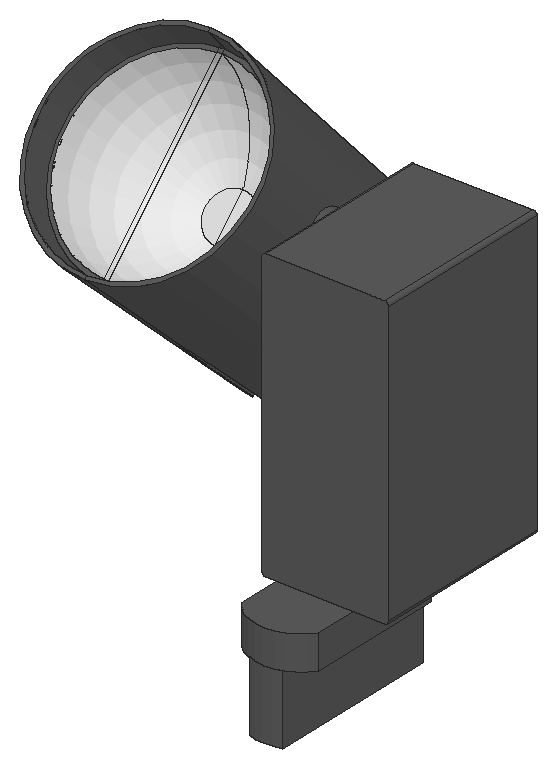
Revit family "0004851 Feilo Sylvania Lighting Fixture START TRACK SPOT S 24W 4K RA80 MB BLACK", category Lighting Fixtures, host Face, Revit 2017 (continued)
Definition of nested family "Start Track Spot Head"
  Types (96, lengths in mm): name | Wattage | built-in parameter 1150134 | Photometric Web File | Model | built-in parameter 1150105 | Lumens | built-in parameter 1150107 | built-in parameter 1150106 | HeadThickness_FEILO | HeadRibOffset_FEILO | HeadRibDepth_FEILO | HeadRibCutWidth_FEILO | HeadRibCutOffset_FEILO | HeadReflectorRadius_FEILO | HeadReflectorOffset_FEILO | HeadLEDRadius_FEILO | HeadHeight_FEILO | HeadDiffusorOffset_FEILO | HeadDiaOut_FEILO | HeadDiaIn_FEILO | HeadAxisFromTop_FEILO | Emit from Circle Diameter | built-in parameter 1150104 | Description | Apparent Load
    0004864 START TRACK SPOT S 24W 3K RA90 WB WHITE | 24 W | (empty or 0) | "0004864.ies" | "START TRACK SPOT S 24W 3K RA90 WB WHITE" | 152.79 (stored number, unit not read) | 1920 lm | 3000 (stored number, unit not read) | 1.5279 (stored number, unit not read) | 1.5 | 4.179 | 55.714 | 7.167 | 50.87 | 50.588 | 55.714 | 9.556 | 117 | 9.435 | 86 | 77.477 | 69.354 | 77.477 | 7.4322 (stored number, unit not read) | "Integrated LED spotlight, Textured White - RAL9016, compact and minimalist design, ideal for retail applications, die-cast aluminium body, passive cooling heatsink. Beam angle: 64°, color temperature: 3000K , total system power: 24W, total fixture output: 1928 lm, LOR: 100%, colour rendering: Ra: 90 typical, LED Chromaticity: 3 step MacAdam ellipse, lifetime: >50000 hours at L70B50, energy class: A++, A+, A, IR/UV free light source without heat radiation, operating voltage: 220-240V / 50-60Hz, drive current: 600mA, electronic driver, non-dimmable, power factor: 0.95, electrical protection: Class II, Global Track 3 Phase adapter suitable for Global trac 3-circuit tracks, ingress protection rating: IP20, suitable for internal environment only, horizontal rotation: 355°, vertical tilt: 90°, dimensions: Ø86x140x200, weight: 0.966kg." | 24 VA
    0004863 START TRACK SPOT S 24W 3K RA90 MB WHITE | 24 W | (empty or 0) | "0004863.ies" | "START TRACK SPOT S 24W 3K RA90 MB WHITE" | 154.7 (stored number, unit not read) | 1944 lm | 3000 (stored number, unit not read) | 1.547 (stored number, unit not read) | 1.5 | 4.179 | 55.714 | 7.167 | 50.87 | 50.588 | 55.714 | 9.556 | 117 | 9.435 | 86 | 77.477 | 69.354 | 77.477 | 7.5251 (stored number, unit not read) | "Integrated LED spotlight, Textured White - RAL9016, compact and minimalist design, ideal for retail applications, die-cast aluminium body, passive cooling heatsink. Beam angle: 36°, color temperature: 3000K , total system power: 24W, total fixture output: 1944 lm, LOR: 100%, colour rendering: Ra: 90 typical, LED Chromaticity: 3 step MacAdam ellipse, lifetime: >50000 hours at L70B50, energy class: A++, A+, A, IR/UV free light source without heat radiation, operating voltage: 220-240V / 50-60Hz, drive current: 600mA, electronic driver, non-dimmable, power factor: 0.95, electrical protection: Class II, Global Track 3 Phase adapter suitable for Global trac 3-circuit tracks, ingress protection rating: IP20, suitable for internal environment only, horizontal rotation: 355°, vertical tilt: 90°, dimensions: Ø86x140x200, weight: 0.966kg." | 24 VA
    0004862 START TRACK SPOT S 24W 3K RA90 NB WHITE | 24 W | (empty or 0) | "0004862.ies" | "START TRACK SPOT S 24W 3K RA90 NB WHITE" | 158.52 (stored number, unit not read) | 1992 lm | 3000 (stored number, unit not read) | 1.5852 (stored number, unit not read) | 1.5 | 4.179 | 55.714 | 7.167 | 50.87 | 50.588 | 55.714 | 9.556 | 117 | 9.435 | 86 | 77.477 | 69.354 | 77.477 | 7.711 (stored number, unit not read) | "Integrated LED spotlight, Textured White - RAL9016, compact and minimalist design, ideal for retail applications, die-cast aluminium body, passive cooling heatsink. Beam angle: 12°, color temperature: 3000K , total system power: 24W, total fixture output: 1987 lm, LOR: 100%, colour rendering: Ra: 90 typical, LED Chromaticity: 3 step MacAdam ellipse, lifetime: >50000 hours at L70B50, energy class: A++, A+, A, IR/UV free light source without heat radiation, operating voltage: 220-240V / 50-60Hz, drive current: 600mA, electronic driver, non-dimmable, power factor: 0.95, electrical protection: Class II, Global Track 3 Phase adapter suitable for Global trac 3-circuit tracks, ingress protection rating: IP20, suitable for internal environment only, horizontal rotation: 355°, vertical tilt: 90°, dimensions: Ø86x140x200, weight: 0.966kg." | 24 VA
    0004861 START TRACK SPOT S 14W 3K RA90 WB WHITE | 14 W | (empty or 0) | "0004861.ies" | "START TRACK SPOT S 14W 3K RA90 WB WHITE" | 100.27 (stored number, unit not read) | 1260 lm | 3000 (stored number, unit not read) | 1.0027 (stored number, unit not read) | 1.5 | 4.179 | 55.714 | 7.167 | 50.87 | 50.588 | 55.714 | 9.556 | 117 | 9.435 | 86 | 77.477 | 69.354 | 77.477 | 8.3613 (stored number, unit not read) | "Integrated LED spotlight, Textured White - RAL9016, compact and minimalist design, ideal for retail applications, die-cast aluminium body, passive cooling heatsink. Beam angle: 64°, color temperature: 3000K , total system power: 14W, total fixture output: 1262 lm, LOR: 100%, colour rendering: Ra: 90 typical, LED Chromaticity: 3 step MacAdam ellipse, lifetime: >50000 hours at L70B50, energy class: A++, A+, A, IR/UV free light source without heat radiation, operating voltage: 220-240V / 50-60Hz, drive current: 350mA, electronic driver, non-dimmable, power factor: 0.92, electrical protection: Class II, Global Track 3 Phase adapter suitable for Global trac 3-circuit tracks, ingress protection rating: IP20, suitable for internal environment only, horizontal rotation: 355°, vertical tilt: 90°, dimensions: Ø86x140x200, weight: 0.940kg." | 14 VA
    0004860 START TRACK SPOT S 14W 3K RA90 MB WHITE | 14 W | (empty or 0) | "0004860.ies" | "START TRACK SPOT S 14W 3K RA90 MB WHITE" | 100.27 (stored number, unit not read) | 1260 lm | 3000 (stored number, unit not read) | 1.0027 (stored number, unit not read) | 1.5 | 4.179 | 55.714 | 7.167 | 50.87 | 50.588 | 55.714 | 9.556 | 117 | 9.435 | 86 | 77.477 | 69.354 | 77.477 | 8.3613 (stored number, unit not read) | "Integrated LED spotlight, Textured White - RAL9016, compact and minimalist design, ideal for retail applications, die-cast aluminium body, passive cooling heatsink. Beam angle: 36°, color temperature: 3000K , total system power: 14W, total fixture output: 1262 lm, LOR: 100%, colour rendering: Ra: 90 typical, LED Chromaticity: 3 step MacAdam ellipse, lifetime: >50000 hours at L70B50, energy class: A++, A+, A, IR/UV free light source without heat radiation, operating voltage: 220-240V / 50-60Hz, drive current: 350mA, electronic driver, non-dimmable, power factor: 0.92, electrical protection: Class II, Global Track 3 Phase adapter suitable for Global trac 3-circuit tracks, ingress protection rating: IP20, suitable for internal environment only, horizontal rotation: 355°, vertical tilt: 90°, dimensions: Ø86x140x200, weight: 0.940kg." | 14 VA
    0004859 START TRACK SPOT S 14W 3K RA90 NB WHITE | 14 W | (empty or 0) | "0004859.ies" | "START TRACK SPOT S 14W 3K RA90 NB WHITE" | 102.5 (stored number, unit not read) | 1288 lm | 3000 (stored number, unit not read) | 1.025 (stored number, unit not read) | 1.5 | 4.179 | 55.714 | 7.167 | 50.87 | 50.588 | 55.714 | 9.556 | 117 | 9.435 | 86 | 77.477 | 69.354 | 77.477 | 8.5471 (stored number, unit not read) | "Integrated LED spotlight, Textured White - RAL9016, compact and minimalist design, ideal for retail applications, die-cast aluminium body, passive cooling heatsink. Beam angle: 12°, color temperature: 3000K , total system power: 14W, total fixture output: 1284 lm, LOR: 100%, colour rendering: Ra: 90 typical, LED Chromaticity: 3 step MacAdam ellipse, lifetime: >50000 hours at L70B50, energy class: A++, A+, A, IR/UV free light source without heat radiation, operating voltage: 220-240V / 50-60Hz, drive current: 350mA, electronic driver, non-dimmable, power factor: 0.92, electrical protection: Class II, Global Track 3 Phase adapter suitable for Global trac 3-circuit tracks, ingress protection rating: IP20, suitable for internal environment only, horizontal rotation: 355°, vertical tilt: 90°, dimensions: Ø86x140x200, weight: 0.940kg." | 14 VA
    0004858 START TRACK SPOT L 55W 4K RA80 WB BLACK | 55 W | 12 | "0004858.ies" | "START TRACK SPOT L 55W 4K RA80 WB BLACK" | 424.55 (stored number, unit not read) | 5335 lm | 4000 (stored number, unit not read) | 4.2455 (stored number, unit not read) | 2 | 4.429 | 59.048 | 9.417 | 53.913 | 66.471 | 59.048 | 12.556 | 124 | 10 | 113 | 101.802 | 73.503 | 101.802 | 9.0116 (stored number, unit not read) | "Integrated LED spotlight, Textured Black - RAL9005, compact and minimalist design, ideal for retail applications, die-cast aluminium body, passive cooling heatsink. Beam angle: 52°, color temperature: 4000K , total system power: 55W, total fixture output: 5320 lm, LOR: 100%, colour rendering: Ra: 80 typical, LED Chromaticity: 3 step MacAdam ellipse, lifetime: >50000 hours at L70B50, energy class: A++, A+, A, IR/UV free light source without heat radiation, operating voltage: 220-240V / 50-60Hz, drive current: 1400mA, electronic driver, non-dimmable, power factor: 0.96, electrical protection: Class II, Global Track 3 Phase adapter suitable for Global trac 3-circuit tracks, ingress protection rating: IP20, suitable for internal environment only, horizontal rotation: 355°, vertical tilt: 90°, dimensions: Ø113x164x240, weight: 1.398kg." | 55 VA
    0004857 START TRACK SPOT L 55W 4K RA80 MB BLACK | 55 W | 12 | "0004857.ies" | "START TRACK SPOT L 55W 4K RA80 MB BLACK" | 428.92 (stored number, unit not read) | 5390 lm | 4000 (stored number, unit not read) | 4.2892 (stored number, unit not read) | 2 | 4.429 | 59.048 | 9.417 | 53.913 | 66.471 | 59.048 | 12.556 | 124 | 10 | 113 | 101.802 | 73.503 | 101.802 | 9.1045 (stored number, unit not read) | "Integrated LED spotlight, Textured Black - RAL9005, compact and minimalist design, ideal for retail applications, die-cast aluminium body, passive cooling heatsink. Beam angle: 38°, color temperature: 4000K , total system power: 55W, total fixture output: 5378 lm, LOR: 100%, colour rendering: Ra: 80 typical, LED Chromaticity: 3 step MacAdam ellipse, lifetime: >50000 hours at L70B50, energy class: A++, A+, A, IR/UV free light source without heat radiation, operating voltage: 220-240V / 50-60Hz, drive current: 1400mA, electronic driver, non-dimmable, power factor: 0.96, electrical protection: Class II, Global Track 3 Phase adapter suitable for Global trac 3-circuit tracks, ingress protection rating: IP20, suitable for internal environment only, horizontal rotation: 355°, vertical tilt: 90°, dimensions: Ø113x164x240, weight: 1.398kg." | 55 VA
    0004856 START TRACK SPOT L 55W 4K RA80 NB BLACK | 55 W | 12 | "0004856.ies" | "START TRACK SPOT L 55W 4K RA80 NB BLACK" | 433.3 (stored number, unit not read) | 5445 lm | 4000 (stored number, unit not read) | 4.333 (stored number, unit not read) | 2 | 4.429 | 59.048 | 9.417 | 53.913 | 66.471 | 59.048 | 12.556 | 124 | 10 | 113 | 101.802 | 73.503 | 101.802 | 9.1974 (stored number, unit not read) | "Integrated LED spotlight, Textured Black - RAL9005, compact and minimalist design, ideal for retail applications, die-cast aluminium body, passive cooling heatsink. Beam angle: 15°, color temperature: 4000K , total system power: 55W, total fixture output: 5426 lm, LOR: 100%, colour rendering: Ra: 80 typical, LED Chromaticity: 3 step MacAdam ellipse, lifetime: >50000 hours at L70B50, energy class: A++, A+, A, IR/UV free light source without heat radiation, operating voltage: 220-240V / 50-60Hz, drive current: 1400mA, electronic driver, non-dimmable, power factor: 0.96, electrical protection: Class II, Global Track 3 Phase adapter suitable for Global trac 3-circuit tracks, ingress protection rating: IP20, suitable for internal environment only, horizontal rotation: 355°, vertical tilt: 90°, dimensions: Ø113x164x240, weight: 1.398kg." | 55 VA
    0004855 START TRACK SPOT L 35W 4K RA80 WB BLACK | 35 W | 12 | "0004855.ies" | "START TRACK SPOT L 35W 4K RA80 WB BLACK" | 320.3 (stored number, unit not read) | 4025 lm | 4000 (stored number, unit not read) | 3.203 (stored number, unit not read) | 2 | 4.429 | 59.048 | 9.417 | 53.913 | 66.471 | 59.048 | 12.556 | 124 | 10 | 113 | 101.802 | 73.503 | 101.802 | 10.684 (stored number, unit not read) | "Integrated LED spotlight, Textured Black - RAL9005, compact and minimalist design, ideal for retail applications, die-cast aluminium body, passive cooling heatsink. Beam angle: 52°, color temperature: 4000K , total system power: 35W, total fixture output: 4010 lm, LOR: 100%, colour rendering: Ra: 80 typical, LED Chromaticity: 3 step MacAdam ellipse, lifetime: >50000 hours at L70B50, energy class: A++, A+, A, IR/UV free light source without heat radiation, operating voltage: 220-240V / 50-60Hz, drive current: 900mA, electronic driver, non-dimmable, power factor: 0.93, electrical protection: Class II, Global Track 3 Phase adapter suitable for Global trac 3-circuit tracks, ingress protection rating: IP20, suitable for internal environment only, horizontal rotation: 355°, vertical tilt: 90°, dimensions: Ø113x164x240, weight: 1.368kg." | 35 VA
    0004854 START TRACK SPOT L 35W 4K RA80 MB BLACK | 35 W | 12 | "0004854.ies" | "START TRACK SPOT L 35W 4K RA80 MB BLACK" | 320.3 (stored number, unit not read) | 4025 lm | 4000 (stored number, unit not read) | 3.203 (stored number, unit not read) | 2 | 4.429 | 59.048 | 9.417 | 53.913 | 66.471 | 59.048 | 12.556 | 124 | 10 | 113 | 101.802 | 73.503 | 101.802 | 10.684 (stored number, unit not read) | "Integrated LED spotlight, Textured Black - RAL9005, compact and minimalist design, ideal for retail applications, die-cast aluminium body, passive cooling heatsink. Beam angle: 38°, color temperature: 4000K , total system power: 35W, total fixture output: 4017 lm, LOR: 100%, colour rendering: Ra: 80 typical, LED Chromaticity: 3 step MacAdam ellipse, lifetime: >50000 hours at L70B50, energy class: A++, A+, A, IR/UV free light source without heat radiation, operating voltage: 220-240V / 50-60Hz, drive current: 900mA, electronic driver, non-dimmable, power factor: 0.93, electrical protection: Class II, Global Track 3 Phase adapter suitable for Global trac 3-circuit tracks, ingress protection rating: IP20, suitable for internal environment only, horizontal rotation: 355°, vertical tilt: 90°, dimensions: Ø113x164x240, weight: 1.368kg." | 35 VA
    0004853 START TRACK SPOT L 35W 4K RA80 NB BLACK | 35 W | 12 | "0004853.ies" | "START TRACK SPOT L 35W 4K RA80 NB BLACK" | 331.44 (stored number, unit not read) | 4165 lm | 4000 (stored number, unit not read) | 3.3144 (stored number, unit not read) | 2 | 4.429 | 59.048 | 9.417 | 53.913 | 66.471 | 59.048 | 12.556 | 124 | 10 | 113 | 101.802 | 73.503 | 101.802 | 11.055 (stored number, unit not read) | "Integrated LED spotlight, Textured Black - RAL9005, compact and minimalist design, ideal for retail applications, die-cast aluminium body, passive cooling heatsink. Beam angle: 15°, color temperature: 4000K , total system power: 35W, total fixture output: 4174 lm, LOR: 100%, colour rendering: Ra: 80 typical, LED Chromaticity: 3 step MacAdam ellipse, lifetime: >50000 hours at L70B50, energy class: A++, A+, A, IR/UV free light source without heat radiation, operating voltage: 220-240V / 50-60Hz, drive current: 900mA, electronic driver, non-dimmable, power factor: 0.93, electrical protection: Class II, Global Track 3 Phase adapter suitable for Global trac 3-circuit tracks, ingress protection rating: IP20, suitable for internal environment only, horizontal rotation: 355°, vertical tilt: 90°, dimensions: Ø113x164x240, weight: 1.368kg." | 35 VA
    0004852 START TRACK SPOT S 24W 4K RA80 WB BLACK | 24 W | 12 | "0004852.ies" | "START TRACK SPOT S 24W 4K RA80 WB BLACK" | 196.72 (stored number, unit not read) | 2472 lm | 4000 (stored number, unit not read) | 1.9672 (stored number, unit not read) | 1.5 | 4.179 | 55.714 | 7.167 | 50.87 | 50.588 | 55.714 | 9.556 | 117 | 9.435 | 86 | 77.477 | 69.354 | 77.477 | 9.569 (stored number, unit not read) | "Integrated LED spotlight, Textured Black - RAL9005, compact and minimalist design, ideal for retail applications, die-cast aluminium body, passive cooling heatsink. Beam angle: 64°, color temperature: 4000K , total system power: 24W, total fixture output: 2476 lm, LOR: 100%, colour rendering: Ra: 80 typical, LED Chromaticity: 3 step MacAdam ellipse, lifetime: >50000 hours at L70B50, energy class: A++, A+, A, IR/UV free light source without heat radiation, operating voltage: 220-240V / 50-60Hz, drive current: 600mA, electronic driver, non-dimmable, power factor: 0.95, electrical protection: Class II, Global Track 3 Phase adapter suitable for Global trac 3-circuit tracks, ingress protection rating: IP20, suitable for internal environment only, horizontal rotation: 355°, vertical tilt: 90°, dimensions: Ø86x140x200, weight: 0.966kg." | 24 VA
    0004851 START TRACK SPOT S 24W 4K RA80 MB BLACK | 24 W | 12 | "0004851.ies" | "START TRACK SPOT S 24W 4K RA80 MB BLACK" | 198.63 (stored number, unit not read) | 2496 lm | 4000 (stored number, unit not read) | 1.9863 (stored number, unit not read) | 1.5 | 4.179 | 55.714 | 7.167 | 50.87 | 50.588 | 55.714 | 9.556 | 117 | 9.435 | 86 | 77.477 | 69.354 | 77.477 | 9.6619 (stored number, unit not read) | "Integrated LED spotlight, Textured Black - RAL9005, compact and minimalist design, ideal for retail applications, die-cast aluminium body, passive cooling heatsink. Beam angle: 36°, color temperature: 4000K , total system power: 24W, total fixture output: 2487 lm, LOR: 100%, colour rendering: Ra: 80 typical, LED Chromaticity: 3 step MacAdam ellipse, lifetime: >50000 hours at L70B50, energy class: A++, A+, A, IR/UV free light source without heat radiation, operating voltage: 220-240V / 50-60Hz, drive current: 600mA, electronic driver, non-dimmable, power factor: 0.95, electrical protection: Class II, Global Track 3 Phase adapter suitable for Global trac 3-circuit tracks, ingress protection rating: IP20, suitable for internal environment only, horizontal rotation: 355°, vertical tilt: 90°, dimensions: Ø86x140x200, weight: 0.966kg." | 24 VA
    0004850 START TRACK SPOT S 24W 4K RA80 NB BLACK | 24 W | 12 | "0004850.ies" | "START TRACK SPOT S 24W 4K RA80 NB BLACK" | 200.54 (stored number, unit not read) | 2520 lm | 4000 (stored number, unit not read) | 2.0054 (stored number, unit not read) | 1.5 | 4.179 | 55.714 | 7.167 | 50.87 | 50.588 | 55.714 | 9.556 | 117 | 9.435 | 86 | 77.477 | 69.354 | 77.477 | 9.7548 (stored number, unit not read) | "Integrated LED spotlight, Textured Black - RAL9005, compact and minimalist design, ideal for retail applications, die-cast aluminium body, passive cooling heatsink. Beam angle: 12°, color temperature: 4000K , total system power: 24W, total fixture output: 2529 lm, LOR: 100%, colour rendering: Ra: 80 typical, LED Chromaticity: 3 step MacAdam ellipse, lifetime: >50000 hours at L70B50, energy class: A++, A+, A, IR/UV free light source without heat radiation, operating voltage: 220-240V / 50-60Hz, drive current: 600mA, electronic driver, non-dimmable, power factor: 0.95, electrical protection: Class II, Global Track 3 Phase adapter suitable for Global trac 3-circuit tracks, ingress protection rating: IP20, suitable for internal environment only, horizontal rotation: 355°, vertical tilt: 90°, dimensions: Ø86x140x200, weight: 0.966kg." | 24 VA
    0004849 START TRACK SPOT S 14W 4K RA80 WB BLACK | 14 W | 12 | "0004849.ies" | "START TRACK SPOT S 14W 4K RA80 WB BLACK" | 123.66 (stored number, unit not read) | 1554 lm | 4000 (stored number, unit not read) | 1.2366 (stored number, unit not read) | 1.5 | 4.179 | 55.714 | 7.167 | 50.87 | 50.588 | 55.714 | 9.556 | 117 | 9.435 | 86 | 77.477 | 69.354 | 77.477 | 10.312 (stored number, unit not read) | "Integrated LED spotlight, Textured Black - RAL9005, compact and minimalist design, ideal for retail applications, die-cast aluminium body, passive cooling heatsink. Beam angle: 64°, color temperature: 4000K , total system power: 14W, total fixture output: 1558 lm, LOR: 100%, colour rendering: Ra: 80 typical, LED Chromaticity: 3 step MacAdam ellipse, lifetime: >50000 hours at L70B50, energy class: A++, A+, A, IR/UV free light source without heat radiation, operating voltage: 220-240V / 50-60Hz, drive current: 350mA, electronic driver, non-dimmable, power factor: 0.92, electrical protection: Class II, Global Track 3 Phase adapter suitable for Global trac 3-circuit tracks, ingress protection rating: IP20, suitable for internal environment only, horizontal rotation: 355°, vertical tilt: 90°, dimensions: Ø86x140x200, weight: 0.940kg." | 14 VA
    0004848 START TRACK SPOT S 14W 4K RA80 MB BLACK | 14 W | 12 | "0004848.ies" | "START TRACK SPOT S 14W 4K RA80 MB BLACK" | 127.01 (stored number, unit not read) | 1596 lm | 4000 (stored number, unit not read) | 1.2701 (stored number, unit not read) | 1.5 | 4.179 | 55.714 | 7.167 | 50.87 | 50.588 | 55.714 | 9.556 | 117 | 9.435 | 86 | 77.477 | 69.354 | 77.477 | 10.591 (stored number, unit not read) | "Integrated LED spotlight, Textured Black - RAL9005, compact and minimalist design, ideal for retail applications, die-cast aluminium body, passive cooling heatsink. Beam angle: 36°, color temperature: 4000K , total system power: 14W, total fixture output: 1598 lm, LOR: 100%, colour rendering: Ra: 80 typical, LED Chromaticity: 3 step MacAdam ellipse, lifetime: >50000 hours at L70B50, energy class: A++, A+, A, IR/UV free light source without heat radiation, operating voltage: 220-240V / 50-60Hz, drive current: 350mA, electronic driver, non-dimmable, power factor: 0.92, electrical protection: Class II, Global Track 3 Phase adapter suitable for Global trac 3-circuit tracks, ingress protection rating: IP20, suitable for internal environment only, horizontal rotation: 355°, vertical tilt: 90°, dimensions: Ø86x140x200, weight: 0.940kg." | 14 VA
    0004847 START TRACK SPOT S 14W 4K RA80 NB BLACK | 14 W | 12 | "0004847.ies" | "START TRACK SPOT S 14W 4K RA80 NB BLACK" | 128.12 (stored number, unit not read) | 1610 lm | 4000 (stored number, unit not read) | 1.2812 (stored number, unit not read) | 1.5 | 4.179 | 55.714 | 7.167 | 50.87 | 50.588 | 55.714 | 9.556 | 117 | 9.435 | 86 | 77.477 | 69.354 | 77.477 | 10.684 (stored number, unit not read) | "Integrated LED spotlight, Textured Black - RAL9005, compact and minimalist design, ideal for retail applications, die-cast aluminium body, passive cooling heatsink. Beam angle: 12°, color temperature: 4000K , total system power: 14W, total fixture output: 1608 lm, LOR: 100%, colour rendering: Ra: 80 typical, LED Chromaticity: 3 step MacAdam ellipse, lifetime: >50000 hours at L70B50, energy class: A++, A+, A, IR/UV free light source without heat radiation, operating voltage: 220-240V / 50-60Hz, drive current: 350mA, electronic driver, non-dimmable, power factor: 0.92, electrical protection: Class II, Global Track 3 Phase adapter suitable for Global trac 3-circuit tracks, ingress protection rating: IP20, suitable for internal environment only, horizontal rotation: 355°, vertical tilt: 90°, dimensions: Ø86x140x200, weight: 0.940kg." | 14 VA
    0004846 START TRACK SPOT L 55W 3K RA80 WB BLACK | 55 W | (empty or 0) | "0004846.ies" | "START TRACK SPOT L 55W 3K RA80 WB BLACK" | 420.17 (stored number, unit not read) | 5280 lm | 3000 (stored number, unit not read) | 4.2017 (stored number, unit not read) | 2 | 4.429 | 59.048 | 9.417 | 53.913 | 66.471 | 59.048 | 12.556 | 124 | 10 | 113 | 101.802 | 73.503 | 101.802 | 8.9187 (stored number, unit not read) | "Integrated LED spotlight, Textured Black - RAL9005, compact and minimalist design, ideal for retail applications, die-cast aluminium body, passive cooling heatsink. Beam angle: 52°, color temperature: 3000K , total system power: 55W, total fixture output: 5298 lm, LOR: 100%, colour rendering: Ra: 80 typical, LED Chromaticity: 3 step MacAdam ellipse, lifetime: >50000 hours at L70B50, energy class: A++, A+, A, IR/UV free light source without heat radiation, operating voltage: 220-240V / 50-60Hz, drive current: 1400mA, electronic driver, non-dimmable, power factor: 0.96, electrical protection: Class II, Global Track 3 Phase adapter suitable for Global trac 3-circuit tracks, ingress protection rating: IP20, suitable for internal environment only, horizontal rotation: 355°, vertical tilt: 90°, dimensions: Ø113x164x240, weight: 1.398kg." | 55 VA
    0004845 START TRACK SPOT L 55W 3K RA80 MB BLACK | 55 W | (empty or 0) | "0004845.ies" | "START TRACK SPOT L 55W 3K RA80 MB BLACK" | 428.92 (stored number, unit not read) | 5390 lm | 3000 (stored number, unit not read) | 4.2892 (stored number, unit not read) | 2 | 4.429 | 59.048 | 9.417 | 53.913 | 66.471 | 59.048 | 12.556 | 124 | 10 | 113 | 101.802 | 73.503 | 101.802 | 9.1045 (stored number, unit not read) | "Integrated LED spotlight, Textured Black - RAL9005, compact and minimalist design, ideal for retail applications, die-cast aluminium body, passive cooling heatsink. Beam angle: 38°, color temperature: 3000K , total system power: 55W, total fixture output: 5381 lm, LOR: 100%, colour rendering: Ra: 80 typical, LED Chromaticity: 3 step MacAdam ellipse, lifetime: >50000 hours at L70B50, energy class: A++, A+, A, IR/UV free light source without heat radiation, operating voltage: 220-240V / 50-60Hz, drive current: 1400mA, electronic driver, non-dimmable, power factor: 0.96, electrical protection: Class II, Global Track 3 Phase adapter suitable for Global trac 3-circuit tracks, ingress protection rating: IP20, suitable for internal environment only, horizontal rotation: 355°, vertical tilt: 90°, dimensions: Ø113x164x240, weight: 1.398kg." | 55 VA
    0004844 START TRACK SPOT L 55W 3K RA80 NB BLACK | 55 W | (empty or 0) | "0004844.ies" | "START TRACK SPOT L 55W 3K RA80 NB BLACK" | 433.3 (stored number, unit not read) | 5445 lm | 3000 (stored number, unit not read) | 4.333 (stored number, unit not read) | 2 | 4.429 | 59.048 | 9.417 | 53.913 | 66.471 | 59.048 | 12.556 | 124 | 10 | 113 | 101.802 | 73.503 | 101.802 | 9.1974 (stored number, unit not read) | "Integrated LED spotlight, Textured Black - RAL9005, compact and minimalist design, ideal for retail applications, die-cast aluminium body, passive cooling heatsink. Beam angle: 15°, color temperature: 3000K , total system power: 55W, total fixture output: 5449 lm, LOR: 100%, colour rendering: Ra: 80 typical, LED Chromaticity: 3 step MacAdam ellipse, lifetime: >50000 hours at L70B50, energy class: A++, A+, A, IR/UV free light source without heat radiation, operating voltage: 220-240V / 50-60Hz, drive current: 1400mA, electronic driver, non-dimmable, power factor: 0.96, electrical protection: Class II, Global Track 3 Phase adapter suitable for Global trac 3-circuit tracks, ingress protection rating: IP20, suitable for internal environment only, horizontal rotation: 355°, vertical tilt: 90°, dimensions: Ø113x164x240, weight: 1.398kg." | 55 VA
    0004843 START TRACK SPOT L 35W 3K RA80 WB BLACK | 35 W | (empty or 0) | "0004843.ies" | "START TRACK SPOT L 35W 3K RA80 WB BLACK" | 314.73 (stored number, unit not read) | 3955 lm | 3000 (stored number, unit not read) | 3.1473 (stored number, unit not read) | 2 | 4.429 | 59.048 | 9.417 | 53.913 | 66.471 | 59.048 | 12.556 | 124 | 10 | 113 | 101.802 | 73.503 | 101.802 | 10.498 (stored number, unit not read) | "Integrated LED spotlight, Textured Black - RAL9005, compact and minimalist design, ideal for retail applications, die-cast aluminium body, passive cooling heatsink. Beam angle: 52°, color temperature: 3000K , total system power: 35W, total fixture output: 3943 lm, LOR: 100%, colour rendering: Ra: 80 typical, LED Chromaticity: 3 step MacAdam ellipse, lifetime: >50000 hours at L70B50, energy class: A++, A+, A, IR/UV free light source without heat radiation, operating voltage: 220-240V / 50-60Hz, drive current: 900mA, electronic driver, non-dimmable, power factor: 0.93, electrical protection: Class II, Global Track 3 Phase adapter suitable for Global trac 3-circuit tracks, ingress protection rating: IP20, suitable for internal environment only, horizontal rotation: 355°, vertical tilt: 90°, dimensions: Ø113x164x240, weight: 1.368kg." | 35 VA
    0004842 START TRACK SPOT L 35W 3K RA80 MB BLACK | 35 W | (empty or 0) | "0004842.ies" | "START TRACK SPOT L 35W 3K RA80 MB BLACK" | 320.3 (stored number, unit not read) | 4025 lm | 3000 (stored number, unit not read) | 3.203 (stored number, unit not read) | 2 | 4.429 | 59.048 | 9.417 | 53.913 | 66.471 | 59.048 | 12.556 | 124 | 10 | 113 | 101.802 | 73.503 | 101.802 | 10.684 (stored number, unit not read) | "Integrated LED spotlight, Textured Black - RAL9005, compact and minimalist design, ideal for retail applications, die-cast aluminium body, passive cooling heatsink. Beam angle: 38°, color temperature: 3000K , total system power: 35W, total fixture output: 4008 lm, LOR: 100%, colour rendering: Ra: 80 typical, LED Chromaticity: 3 step MacAdam ellipse, lifetime: >50000 hours at L70B50, energy class: A++, A+, A, IR/UV free light source without heat radiation, operating voltage: 220-240V / 50-60Hz, drive current: 900mA, electronic driver, non-dimmable, power factor: 0.93, electrical protection: Class II, Global Track 3 Phase adapter suitable for Global trac 3-circuit tracks, ingress protection rating: IP20, suitable for internal environment only, horizontal rotation: 355°, vertical tilt: 90°, dimensions: Ø113x164x240, weight: 1.368kg." | 35 VA
    0004841 START TRACK SPOT L 35W 3K RA80 NB BLACK | 35 W | (empty or 0) | "0004841.ies" | "START TRACK SPOT L 35W 3K RA80 NB BLACK" | 317.51 (stored number, unit not read) | 3990 lm | 3000 (stored number, unit not read) | 3.1751 (stored number, unit not read) | 2 | 4.429 | 59.048 | 9.417 | 53.913 | 66.471 | 59.048 | 12.556 | 124 | 10 | 113 | 101.802 | 73.503 | 101.802 | 10.591 (stored number, unit not read) | "Integrated LED spotlight, Textured Black - RAL9005, compact and minimalist design, ideal for retail applications, die-cast aluminium body, passive cooling heatsink. Beam angle: 15°, color temperature: 3000K , total system power: 35W, total fixture output: 4005 lm, LOR: 100%, colour rendering: Ra: 80 typical, LED Chromaticity: 3 step MacAdam ellipse, lifetime: >50000 hours at L70B50, energy class: A++, A+, A, IR/UV free light source without heat radiation, operating voltage: 220-240V / 50-60Hz, drive current: 900mA, electronic driver, non-dimmable, power factor: 0.93, electrical protection: Class II, Global Track 3 Phase adapter suitable for Global trac 3-circuit tracks, ingress protection rating: IP20, suitable for internal environment only, horizontal rotation: 355°, vertical tilt: 90°, dimensions: Ø113x164x240, weight: 1.368kg." | 35 VA
    0004840 START TRACK SPOT S 24W 3K RA80 WB BLACK | 24 W | (empty or 0) | "0004840.ies" | "START TRACK SPOT S 24W 3K RA80 WB BLACK" | 185.26 (stored number, unit not read) | 2328 lm | 3000 (stored number, unit not read) | 1.8526 (stored number, unit not read) | 1.5 | 4.179 | 55.714 | 7.167 | 50.87 | 50.588 | 55.714 | 9.556 | 117 | 9.435 | 86 | 77.477 | 69.354 | 77.477 | 9.0116 (stored number, unit not read) | "Integrated LED spotlight, Textured Black - RAL9005, compact and minimalist design, ideal for retail applications, die-cast aluminium body, passive cooling heatsink. Beam angle: 64°, color temperature: 3000K , total system power: 24W, total fixture output: 2318 lm, LOR: 100%, colour rendering: Ra: 80 typical, LED Chromaticity: 3 step MacAdam ellipse, lifetime: >50000 hours at L70B50, energy class: A++, A+, A, IR/UV free light source without heat radiation, operating voltage: 220-240V / 50-60Hz, drive current: 600mA, electronic driver, non-dimmable, power factor: 0.95, electrical protection: Class II, Global Track 3 Phase adapter suitable for Global trac 3-circuit tracks, ingress protection rating: IP20, suitable for internal environment only, horizontal rotation: 355°, vertical tilt: 90°, dimensions: Ø86x140x200, weight: 0.966kg." | 24 VA
    0004839 START TRACK SPOT S 24W 3K RA80 MB BLACK | 24 W | (empty or 0) | "0004839.ies" | "START TRACK SPOT S 24W 3K RA80 MB BLACK" | 183.35 (stored number, unit not read) | 2304 lm | 3000 (stored number, unit not read) | 1.8335 (stored number, unit not read) | 1.5 | 4.179 | 55.714 | 7.167 | 50.87 | 50.588 | 55.714 | 9.556 | 117 | 9.435 | 86 | 77.477 | 69.354 | 77.477 | 8.9187 (stored number, unit not read) | "Integrated LED spotlight, Textured Black - RAL9005, compact and minimalist design, ideal for retail applications, die-cast aluminium body, passive cooling heatsink. Beam angle: 36°, color temperature: 3000K , total system power: 24W, total fixture output: 2314 lm, LOR: 100%, colour rendering: Ra: 80 typical, LED Chromaticity: 3 step MacAdam ellipse, lifetime: >50000 hours at L70B50, energy class: A++, A+, A, IR/UV free light source without heat radiation, operating voltage: 220-240V / 50-60Hz, drive current: 600mA, electronic driver, non-dimmable, power factor: 0.95, electrical protection: Class II, Global Track 3 Phase adapter suitable for Global trac 3-circuit tracks, ingress protection rating: IP20, suitable for internal environment only, horizontal rotation: 355°, vertical tilt: 90°, dimensions: Ø86x140x200, weight: 0.966kg." | 24 VA
    0004838 START TRACK SPOT S 24W 3K RA80 NB BLACK | 24 W | (empty or 0) | "0004838.ies" | "START TRACK SPOT S 24W 3K RA80 NB BLACK" | 185.26 (stored number, unit not read) | 2328 lm | 3000 (stored number, unit not read) | 1.8526 (stored number, unit not read) | 1.5 | 4.179 | 55.714 | 7.167 | 50.87 | 50.588 | 55.714 | 9.556 | 117 | 9.435 | 86 | 77.477 | 69.354 | 77.477 | 9.0116 (stored number, unit not read) | "Integrated LED spotlight, Textured Black - RAL9005, compact and minimalist design, ideal for retail applications, die-cast aluminium body, passive cooling heatsink. Beam angle: 12°, color temperature: 3000K , total system power: 24W, total fixture output: 2334 lm, LOR: 100%, colour rendering: Ra: 80 typical, LED Chromaticity: 3 step MacAdam ellipse, lifetime: >50000 hours at L70B50, energy class: A++, A+, A, IR/UV free light source without heat radiation, operating voltage: 220-240V / 50-60Hz, drive current: 600mA, electronic driver, non-dimmable, power factor: 0.95, electrical protection: Class II, Global Track 3 Phase adapter suitable for Global trac 3-circuit tracks, ingress protection rating: IP20, suitable for internal environment only, horizontal rotation: 355°, vertical tilt: 90°, dimensions: Ø86x140x200, weight: 0.966kg." | 24 VA
    0004837 START TRACK SPOT S 14W 3K RA80 WB BLACK | 14 W | (empty or 0) | "0004837.ies" | "START TRACK SPOT S 14W 3K RA80 WB BLACK" | 119.21 (stored number, unit not read) | 1498 lm | 3000 (stored number, unit not read) | 1.1921 (stored number, unit not read) | 1.5 | 4.179 | 55.714 | 7.167 | 50.87 | 50.588 | 55.714 | 9.556 | 117 | 9.435 | 86 | 77.477 | 69.354 | 77.477 | 9.9406 (stored number, unit not read) | "Integrated LED spotlight, Textured Black - RAL9005, compact and minimalist design, ideal for retail applications, die-cast aluminium body, passive cooling heatsink. Beam angle: 64°, color temperature: 3000K , total system power: 14W, total fixture output: 1498 lm, LOR: 100%, colour rendering: Ra: 80 typical, LED Chromaticity: 3 step MacAdam ellipse, lifetime: >50000 hours at L70B50, energy class: A++, A+, A, IR/UV free light source without heat radiation, operating voltage: 220-240V / 50-60Hz, drive current: 350mA, electronic driver, non-dimmable, power factor: 0.92, electrical protection: Class II, Global Track 3 Phase adapter suitable for Global trac 3-circuit tracks, ingress protection rating: IP20, suitable for internal environment only, horizontal rotation: 355°, vertical tilt: 90°, dimensions: Ø86x140x200, weight: 0.940kg." | 14 VA
    0004836 START TRACK SPOT S 14W 3K RA80 MB BLACK | 14 W | (empty or 0) | "0004836.ies" | "START TRACK SPOT S 14W 3K RA80 MB BLACK" | 120.32 (stored number, unit not read) | 1512 lm | 3000 (stored number, unit not read) | 1.2032 (stored number, unit not read) | 1.5 | 4.179 | 55.714 | 7.167 | 50.87 | 50.588 | 55.714 | 9.556 | 117 | 9.435 | 86 | 77.477 | 69.354 | 77.477 | 10.034 (stored number, unit not read) | "Integrated LED spotlight, Textured Black - RAL9005, compact and minimalist design, ideal for retail applications, die-cast aluminium body, passive cooling heatsink. Beam angle: 36°, color temperature: 3000K , total system power: 14W, total fixture output: 1508 lm, LOR: 100%, colour rendering: Ra: 80 typical, LED Chromaticity: 3 step MacAdam ellipse, lifetime: >50000 hours at L70B50, energy class: A++, A+, A, IR/UV free light source without heat radiation, operating voltage: 220-240V / 50-60Hz, drive current: 350mA, electronic driver, non-dimmable, power factor: 0.92, electrical protection: Class II, Global Track 3 Phase adapter suitable for Global trac 3-circuit tracks, ingress protection rating: IP20, suitable for internal environment only, horizontal rotation: 355°, vertical tilt: 90°, dimensions: Ø86x140x200, weight: 0.940kg." | 14 VA
    0004835 START TRACK SPOT S 14W 3K RA80 NB BLACK | 14 W | (empty or 0) | "0004835.ies" | "START TRACK SPOT S 14W 3K RA80 NB BLACK" | 123.66 (stored number, unit not read) | 1554 lm | 3000 (stored number, unit not read) | 1.2366 (stored number, unit not read) | 1.5 | 4.179 | 55.714 | 7.167 | 50.87 | 50.588 | 55.714 | 9.556 | 117 | 9.435 | 86 | 77.477 | 69.354 | 77.477 | 10.312 (stored number, unit not read) | "Integrated LED spotlight, Textured Black - RAL9005, compact and minimalist design, ideal for retail applications, die-cast aluminium body, passive cooling heatsink. Beam angle: 12°, color temperature: 3000K , total system power: 14W, total fixture output: 1551 lm, LOR: 100%, colour rendering: Ra: 80 typical, LED Chromaticity: 3 step MacAdam ellipse, lifetime: >50000 hours at L70B50, energy class: A++, A+, A, IR/UV free light source without heat radiation, operating voltage: 220-240V / 50-60Hz, drive current: 350mA, electronic driver, non-dimmable, power factor: 0.92, electrical protection: Class II, Global Track 3 Phase adapter suitable for Global trac 3-circuit tracks, ingress protection rating: IP20, suitable for internal environment only, horizontal rotation: 355°, vertical tilt: 90°, dimensions: Ø86x140x200, weight: 0.940kg." | 14 VA
    0004834 START TRACK SPOT L 55W 4K RA80 WB WHITE | 55 W | 12 | "0004834.ies" | "START TRACK SPOT L 55W 4K RA80 WB WHITE" | 424.55 (stored number, unit not read) | 5335 lm | 4000 (stored number, unit not read) | 4.2455 (stored number, unit not read) | 2 | 4.429 | 59.048 | 9.417 | 53.913 | 66.471 | 59.048 | 12.556 | 124 | 10 | 113 | 101.802 | 73.503 | 101.802 | 9.0116 (stored number, unit not read) | "Integrated LED spotlight, Textured White - RAL9016, compact and minimalist design, ideal for retail applications, die-cast aluminium body, passive cooling heatsink. Beam angle: 52°, color temperature: 4000K , total system power: 55W, total fixture output: 5320 lm, LOR: 100%, colour rendering: Ra: 80 typical, LED Chromaticity: 3 step MacAdam ellipse, lifetime: >50000 hours at L70B50, energy class: A++, A+, A, IR/UV free light source without heat radiation, operating voltage: 220-240V / 50-60Hz, drive current: 1400mA, electronic driver, non-dimmable, power factor: 0.96, electrical protection: Class II, Global Track 3 Phase adapter suitable for Global trac 3-circuit tracks, ingress protection rating: IP20, suitable for internal environment only, horizontal rotation: 355°, vertical tilt: 90°, dimensions: Ø113x164x240, weight: 1.398kg." | 55 VA
    0004833 START TRACK SPOT L 55W 4K RA80 MB WHITE | 55 W | 12 | "0004833.ies" | "START TRACK SPOT L 55W 4K RA80 MB WHITE" | 428.92 (stored number, unit not read) | 5390 lm | 4000 (stored number, unit not read) | 4.2892 (stored number, unit not read) | 2 | 4.429 | 59.048 | 9.417 | 53.913 | 66.471 | 59.048 | 12.556 | 124 | 10 | 113 | 101.802 | 73.503 | 101.802 | 9.1045 (stored number, unit not read) | "Integrated LED spotlight, Textured White - RAL9016, compact and minimalist design, ideal for retail applications, die-cast aluminium body, passive cooling heatsink. Beam angle: 38°, color temperature: 4000K , total system power: 55W, total fixture output: 5378 lm, LOR: 100%, colour rendering: Ra: 80 typical, LED Chromaticity: 3 step MacAdam ellipse, lifetime: >50000 hours at L70B50, energy class: A++, A+, A, IR/UV free light source without heat radiation, operating voltage: 220-240V / 50-60Hz, drive current: 1400mA, electronic driver, non-dimmable, power factor: 0.96, electrical protection: Class II, Global Track 3 Phase adapter suitable for Global trac 3-circuit tracks, ingress protection rating: IP20, suitable for internal environment only, horizontal rotation: 355°, vertical tilt: 90°, dimensions: Ø113x164x240, weight: 1.398kg." | 55 VA
    0004832 START TRACK SPOT L 55W 4K RA80 NB WHITE | 55 W | 12 | "0004832.ies" | "START TRACK SPOT L 55W 4K RA80 NB WHITE" | 433.3 (stored number, unit not read) | 5445 lm | 4000 (stored number, unit not read) | 4.333 (stored number, unit not read) | 2 | 4.429 | 59.048 | 9.417 | 53.913 | 66.471 | 59.048 | 12.556 | 124 | 10 | 113 | 101.802 | 73.503 | 101.802 | 9.1974 (stored number, unit not read) | "Integrated LED spotlight, Textured White - RAL9016, compact and minimalist design, ideal for retail applications, die-cast aluminium body, passive cooling heatsink. Beam angle: 15°, color temperature: 4000K , total system power: 55W, total fixture output: 5426 lm, LOR: 100%, colour rendering: Ra: 80 typical, LED Chromaticity: 3 step MacAdam ellipse, lifetime: >50000 hours at L70B50, energy class: A++, A+, A, IR/UV free light source without heat radiation, operating voltage: 220-240V / 50-60Hz, drive current: 1400mA, electronic driver, non-dimmable, power factor: 0.96, electrical protection: Class II, Global Track 3 Phase adapter suitable for Global trac 3-circuit tracks, ingress protection rating: IP20, suitable for internal environment only, horizontal rotation: 355°, vertical tilt: 90°, dimensions: Ø113x164x240, weight: 1.398kg." | 55 VA
    0004831 START TRACK SPOT L 35W 4K RA80 WB WHITE | 35 W | 12 | "0004831.ies" | "START TRACK SPOT L 35W 4K RA80 WB WHITE" | 320.3 (stored number, unit not read) | 4025 lm | 4000 (stored number, unit not read) | 3.203 (stored number, unit not read) | 2 | 4.429 | 59.048 | 9.417 | 53.913 | 66.471 | 59.048 | 12.556 | 124 | 10 | 113 | 101.802 | 73.503 | 101.802 | 10.684 (stored number, unit not read) | "Integrated LED spotlight, Textured White - RAL9016, compact and minimalist design, ideal for retail applications, die-cast aluminium body, passive cooling heatsink. Beam angle: 52°, color temperature: 4000K , total system power: 35W, total fixture output: 4010 lm, LOR: 100%, colour rendering: Ra: 80 typical, LED Chromaticity: 3 step MacAdam ellipse, lifetime: >50000 hours at L70B50, energy class: A++, A+, A, IR/UV free light source without heat radiation, operating voltage: 220-240V / 50-60Hz, drive current: 900mA, electronic driver, non-dimmable, power factor: 0.93, electrical protection: Class II, Global Track 3 Phase adapter suitable for Global trac 3-circuit tracks, ingress protection rating: IP20, suitable for internal environment only, horizontal rotation: 355°, vertical tilt: 90°, dimensions: Ø113x164x240, weight: 1.368kg." | 35 VA
    0004830 START TRACK SPOT L 35W 4K RA80 MB WHITE | 35 W | 12 | "0004830.ies" | "START TRACK SPOT L 35W 4K RA80 MB WHITE" | 320.3 (stored number, unit not read) | 4025 lm | 4000 (stored number, unit not read) | 3.203 (stored number, unit not read) | 2 | 4.429 | 59.048 | 9.417 | 53.913 | 66.471 | 59.048 | 12.556 | 124 | 10 | 113 | 101.802 | 73.503 | 101.802 | 10.684 (stored number, unit not read) | "Integrated LED spotlight, Textured White - RAL9016, compact and minimalist design, ideal for retail applications, die-cast aluminium body, passive cooling heatsink. Beam angle: 38°, color temperature: 4000K , total system power: 35W, total fixture output: 4017 lm, LOR: 100%, colour rendering: Ra: 80 typical, LED Chromaticity: 3 step MacAdam ellipse, lifetime: >50000 hours at L70B50, energy class: A++, A+, A, IR/UV free light source without heat radiation, operating voltage: 220-240V / 50-60Hz, drive current: 900mA, electronic driver, non-dimmable, power factor: 0.93, electrical protection: Class II, Global Track 3 Phase adapter suitable for Global trac 3-circuit tracks, ingress protection rating: IP20, suitable for internal environment only, horizontal rotation: 355°, vertical tilt: 90°, dimensions: Ø113x164x240, weight: 1.368kg." | 35 VA
    0004829 START TRACK SPOT L 35W 4K RA80 NB WHITE | 35 W | 12 | "0004829.ies" | "START TRACK SPOT L 35W 4K RA80 NB WHITE" | 331.44 (stored number, unit not read) | 4165 lm | 4000 (stored number, unit not read) | 3.3144 (stored number, unit not read) | 2 | 4.429 | 59.048 | 9.417 | 53.913 | 66.471 | 59.048 | 12.556 | 124 | 10 | 113 | 101.802 | 73.503 | 101.802 | 11.055 (stored number, unit not read) | "Integrated LED spotlight, Textured White - RAL9016, compact and minimalist design, ideal for retail applications, die-cast aluminium body, passive cooling heatsink. Beam angle: 15°, color temperature: 4000K , total system power: 35W, total fixture output: 4174 lm, LOR: 100%, colour rendering: Ra: 80 typical, LED Chromaticity: 3 step MacAdam ellipse, lifetime: >50000 hours at L70B50, energy class: A++, A+, A, IR/UV free light source without heat radiation, operating voltage: 220-240V / 50-60Hz, drive current: 900mA, electronic driver, non-dimmable, power factor: 0.93, electrical protection: Class II, Global Track 3 Phase adapter suitable for Global trac 3-circuit tracks, ingress protection rating: IP20, suitable for internal environment only, horizontal rotation: 355°, vertical tilt: 90°, dimensions: Ø113x164x240, weight: 1.368kg." | 35 VA
    0004828 START TRACK SPOT S 24W 4K RA80 WB WHITE | 24 W | 12 | "0004828.ies" | "START TRACK SPOT S 24W 4K RA80 WB WHITE" | 196.72 (stored number, unit not read) | 2472 lm | 4000 (stored number, unit not read) | 1.9672 (stored number, unit not read) | 1.5 | 4.179 | 55.714 | 7.167 | 50.87 | 50.588 | 55.714 | 9.556 | 117 | 9.435 | 86 | 77.477 | 69.354 | 77.477 | 9.569 (stored number, unit not read) | "Integrated LED spotlight, Textured White - RAL9016, compact and minimalist design, ideal for retail applications, die-cast aluminium body, passive cooling heatsink. Beam angle: 64°, color temperature: 4000K , total system power: 24W, total fixture output: 2476 lm, LOR: 100%, colour rendering: Ra: 80 typical, LED Chromaticity: 3 step MacAdam ellipse, lifetime: >50000 hours at L70B50, energy class: A++, A+, A, IR/UV free light source without heat radiation, operating voltage: 220-240V / 50-60Hz, drive current: 600mA, electronic driver, non-dimmable, power factor: 0.95, electrical protection: Class II, Global Track 3 Phase adapter suitable for Global trac 3-circuit tracks, ingress protection rating: IP20, suitable for internal environment only, horizontal rotation: 355°, vertical tilt: 90°, dimensions: Ø86x140x200, weight: 0.966kg." | 24 VA
    0004827 START TRACK SPOT S 24W 4K RA80 MB WHITE | 24 W | 12 | "0004827.ies" | "START TRACK SPOT S 24W 4K RA80 MB WHITE" | 198.63 (stored number, unit not read) | 2496 lm | 4000 (stored number, unit not read) | 1.9863 (stored number, unit not read) | 1.5 | 4.179 | 55.714 | 7.167 | 50.87 | 50.588 | 55.714 | 9.556 | 117 | 9.435 | 86 | 77.477 | 69.354 | 77.477 | 9.6619 (stored number, unit not read) | "Integrated LED spotlight, Textured White - RAL9016, compact and minimalist design, ideal for retail applications, die-cast aluminium body, passive cooling heatsink. Beam angle: 36°, color temperature: 4000K , total system power: 24W, total fixture output: 2487 lm, LOR: 100%, colour rendering: Ra: 80 typical, LED Chromaticity: 3 step MacAdam ellipse, lifetime: >50000 hours at L70B50, energy class: A++, A+, A, IR/UV free light source without heat radiation, operating voltage: 220-240V / 50-60Hz, drive current: 600mA, electronic driver, non-dimmable, power factor: 0.95, electrical protection: Class II, Global Track 3 Phase adapter suitable for Global trac 3-circuit tracks, ingress protection rating: IP20, suitable for internal environment only, horizontal rotation: 355°, vertical tilt: 90°, dimensions: Ø86x140x200, weight: 0.966kg." | 24 VA
    0004826 START TRACK SPOT S 24W 4K RA80 NB WHITE | 24 W | 12 | "0004826.ies" | "START TRACK SPOT S 24W 4K RA80 NB WHITE" | 200.54 (stored number, unit not read) | 2520 lm | 4000 (stored number, unit not read) | 2.0054 (stored number, unit not read) | 1.5 | 4.179 | 55.714 | 7.167 | 50.87 | 50.588 | 55.714 | 9.556 | 117 | 9.435 | 86 | 77.477 | 69.354 | 77.477 | 9.7548 (stored number, unit not read) | "Integrated LED spotlight, Textured White - RAL9016, compact and minimalist design, ideal for retail applications, die-cast aluminium body, passive cooling heatsink. Beam angle: 12°, color temperature: 4000K , total system power: 24W, total fixture output: 2529 lm, LOR: 100%, colour rendering: Ra: 80 typical, LED Chromaticity: 3 step MacAdam ellipse, lifetime: >50000 hours at L70B50, energy class: A++, A+, A, IR/UV free light source without heat radiation, operating voltage: 220-240V / 50-60Hz, drive current: 600mA, electronic driver, non-dimmable, power factor: 0.95, electrical protection: Class II, Global Track 3 Phase adapter suitable for Global trac 3-circuit tracks, ingress protection rating: IP20, suitable for internal environment only, horizontal rotation: 355°, vertical tilt: 90°, dimensions: Ø86x140x200, weight: 0.966kg." | 24 VA
    0004825 START TRACK SPOT S 14W 4K RA80 WB WHITE | 14 W | 12 | "0004825.ies" | "START TRACK SPOT S 14W 4K RA80 WB WHITE" | 123.66 (stored number, unit not read) | 1554 lm | 4000 (stored number, unit not read) | 1.2366 (stored number, unit not read) | 1.5 | 4.179 | 55.714 | 7.167 | 50.87 | 50.588 | 55.714 | 9.556 | 117 | 9.435 | 86 | 77.477 | 69.354 | 77.477 | 10.312 (stored number, unit not read) | "Integrated LED spotlight, Textured White - RAL9016, compact and minimalist design, ideal for retail applications, die-cast aluminium body, passive cooling heatsink. Beam angle: 64°, color temperature: 4000K , total system power: 14W, total fixture output: 1558 lm, LOR: 100%, colour rendering: Ra: 80 typical, LED Chromaticity: 3 step MacAdam ellipse, lifetime: >50000 hours at L70B50, energy class: A++, A+, A, IR/UV free light source without heat radiation, operating voltage: 220-240V / 50-60Hz, drive current: 350mA, electronic driver, non-dimmable, power factor: 0.92, electrical protection: Class II, Global Track 3 Phase adapter suitable for Global trac 3-circuit tracks, ingress protection rating: IP20, suitable for internal environment only, horizontal rotation: 355°, vertical tilt: 90°, dimensions: Ø86x140x200, weight: 0.940kg." | 14 VA
    0004824 START TRACK SPOT S 14W 4K RA80 MB WHITE | 14 W | 12 | "0004824.ies" | "START TRACK SPOT S 14W 4K RA80 MB WHITE" | 127.01 (stored number, unit not read) | 1596 lm | 4000 (stored number, unit not read) | 1.2701 (stored number, unit not read) | 1.5 | 4.179 | 55.714 | 7.167 | 50.87 | 50.588 | 55.714 | 9.556 | 117 | 9.435 | 86 | 77.477 | 69.354 | 77.477 | 10.591 (stored number, unit not read) | "Integrated LED spotlight, Textured White - RAL9016, compact and minimalist design, ideal for retail applications, die-cast aluminium body, passive cooling heatsink. Beam angle: 36°, color temperature: 4000K , total system power: 14W, total fixture output: 1598 lm, LOR: 100%, colour rendering: Ra: 80 typical, LED Chromaticity: 3 step MacAdam ellipse, lifetime: >50000 hours at L70B50, energy class: A++, A+, A, IR/UV free light source without heat radiation, operating voltage: 220-240V / 50-60Hz, drive current: 350mA, electronic driver, non-dimmable, power factor: 0.92, electrical protection: Class II, Global Track 3 Phase adapter suitable for Global trac 3-circuit tracks, ingress protection rating: IP20, suitable for internal environment only, horizontal rotation: 355°, vertical tilt: 90°, dimensions: Ø86x140x200, weight: 0.940kg." | 14 VA
    0004823 START TRACK SPOT S 14W 4K RA80 NB WHITE | 14 W | 12 | "0004823.ies" | "START TRACK SPOT S 14W 4K RA80 NB WHITE" | 128.12 (stored number, unit not read) | 1610 lm | 4000 (stored number, unit not read) | 1.2812 (stored number, unit not read) | 1.5 | 4.179 | 55.714 | 7.167 | 50.87 | 50.588 | 55.714 | 9.556 | 117 | 9.435 | 86 | 77.477 | 69.354 | 77.477 | 10.684 (stored number, unit not read) | "Integrated LED spotlight, Textured White - RAL9016, compact and minimalist design, ideal for retail applications, die-cast aluminium body, passive cooling heatsink. Beam angle: 12°, color temperature: 4000K , total system power: 14W, total fixture output: 1608 lm, LOR: 100%, colour rendering: Ra: 80 typical, LED Chromaticity: 3 step MacAdam ellipse, lifetime: >50000 hours at L70B50, energy class: A++, A+, A, IR/UV free light source without heat radiation, operating voltage: 220-240V / 50-60Hz, drive current: 350mA, electronic driver, non-dimmable, power factor: 0.92, electrical protection: Class II, Global Track 3 Phase adapter suitable for Global trac 3-circuit tracks, ingress protection rating: IP20, suitable for internal environment only, horizontal rotation: 355°, vertical tilt: 90°, dimensions: Ø86x140x200, weight: 0.940kg." | 14 VA
    0004822 START TRACK SPOT L 55W 3K RA80 WB WHITE | 55 W | (empty or 0) | "0004822.ies" | "START TRACK SPOT L 55W 3K RA80 WB WHITE" | 420.17 (stored number, unit not read) | 5280 lm | 3000 (stored number, unit not read) | 4.2017 (stored number, unit not read) | 2 | 4.429 | 59.048 | 9.417 | 53.913 | 66.471 | 59.048 | 12.556 | 124 | 10 | 113 | 101.802 | 73.503 | 101.802 | 8.9187 (stored number, unit not read) | "Integrated LED spotlight, Textured White - RAL9016, compact and minimalist design, ideal for retail applications, die-cast aluminium body, passive cooling heatsink. Beam angle: 52°, color temperature: 3000K , total system power: 55W, total fixture output: 5298 lm, LOR: 100%, colour rendering: Ra: 80 typical, LED Chromaticity: 3 step MacAdam ellipse, lifetime: >50000 hours at L70B50, energy class: A++, A+, A, IR/UV free light source without heat radiation, operating voltage: 220-240V / 50-60Hz, drive current: 1400mA, electronic driver, non-dimmable, power factor: 0.96, electrical protection: Class II, Global Track 3 Phase adapter suitable for Global trac 3-circuit tracks, ingress protection rating: IP20, suitable for internal environment only, horizontal rotation: 355°, vertical tilt: 90°, dimensions: Ø113x164x240, weight: 1.398kg." | 55 VA
    0004821 START TRACK SPOT L 55W 3K RA80 MB WHITE | 55 W | (empty or 0) | "0004821.ies" | "START TRACK SPOT L 55W 3K RA80 MB WHITE" | 428.92 (stored number, unit not read) | 5390 lm | 3000 (stored number, unit not read) | 4.2892 (stored number, unit not read) | 2 | 4.429 | 59.048 | 9.417 | 53.913 | 66.471 | 59.048 | 12.556 | 124 | 10 | 113 | 101.802 | 73.503 | 101.802 | 9.1045 (stored number, unit not read) | "Integrated LED spotlight, Textured White - RAL9016, compact and minimalist design, ideal for retail applications, die-cast aluminium body, passive cooling heatsink. Beam angle: 38°, color temperature: 3000K , total system power: 55W, total fixture output: 5381 lm, LOR: 100%, colour rendering: Ra: 80 typical, LED Chromaticity: 3 step MacAdam ellipse, lifetime: >50000 hours at L70B50, energy class: A++, A+, A, IR/UV free light source without heat radiation, operating voltage: 220-240V / 50-60Hz, drive current: 1400mA, electronic driver, non-dimmable, power factor: 0.96, electrical protection: Class II, Global Track 3 Phase adapter suitable for Global trac 3-circuit tracks, ingress protection rating: IP20, suitable for internal environment only, horizontal rotation: 355°, vertical tilt: 90°, dimensions: Ø113x164x240, weight: 1.398kg." | 55 VA
    0004820 START TRACK SPOT L 55W 3K RA80 NB WHITE | 55 W | (empty or 0) | "0004820.ies" | "START TRACK SPOT L 55W 3K RA80 NB WHITE" | 433.3 (stored number, unit not read) | 5445 lm | 3000 (stored number, unit not read) | 4.333 (stored number, unit not read) | 2 | 4.429 | 59.048 | 9.417 | 53.913 | 66.471 | 59.048 | 12.556 | 124 | 10 | 113 | 101.802 | 73.503 | 101.802 | 9.1974 (stored number, unit not read) | "Integrated LED spotlight, Textured White - RAL9016, compact and minimalist design, ideal for retail applications, die-cast aluminium body, passive cooling heatsink. Beam angle: 15°, color temperature: 3000K , total system power: 55W, total fixture output: 5449 lm, LOR: 100%, colour rendering: Ra: 80 typical, LED Chromaticity: 3 step MacAdam ellipse, lifetime: >50000 hours at L70B50, energy class: A++, A+, A, IR/UV free light source without heat radiation, operating voltage: 220-240V / 50-60Hz, drive current: 1400mA, electronic driver, non-dimmable, power factor: 0.96, electrical protection: Class II, Global Track 3 Phase adapter suitable for Global trac 3-circuit tracks, ingress protection rating: IP20, suitable for internal environment only, horizontal rotation: 355°, vertical tilt: 90°, dimensions: Ø113x164x240, weight: 1.398kg." | 55 VA
    0004819 START TRACK SPOT L 35W 3K RA80 WB WHITE | 35 W | (empty or 0) | "0004819.ies" | "START TRACK SPOT L 35W 3K RA80 WB WHITE" | 314.73 (stored number, unit not read) | 3955 lm | 3000 (stored number, unit not read) | 3.1473 (stored number, unit not read) | 2 | 4.429 | 59.048 | 9.417 | 53.913 | 66.471 | 59.048 | 12.556 | 124 | 10 | 113 | 101.802 | 73.503 | 101.802 | 10.498 (stored number, unit not read) | "Integrated LED spotlight, Textured White - RAL9016, compact and minimalist design, ideal for retail applications, die-cast aluminium body, passive cooling heatsink. Beam angle: 52°, color temperature: 3000K , total system power: 35W, total fixture output: 3943 lm, LOR: 100%, colour rendering: Ra: 80 typical, LED Chromaticity: 3 step MacAdam ellipse, lifetime: >50000 hours at L70B50, energy class: A++, A+, A, IR/UV free light source without heat radiation, operating voltage: 220-240V / 50-60Hz, drive current: 900mA, electronic driver, non-dimmable, power factor: 0.93, electrical protection: Class II, Global Track 3 Phase adapter suitable for Global trac 3-circuit tracks, ingress protection rating: IP20, suitable for internal environment only, horizontal rotation: 355°, vertical tilt: 90°, dimensions: Ø113x164x240, weight: 1.368kg." | 35 VA
    0004818 START TRACK SPOT L 35W 3K RA80 MB WHITE | 35 W | (empty or 0) | "0004818.ies" | "START TRACK SPOT L 35W 3K RA80 MB WHITE" | 320.3 (stored number, unit not read) | 4025 lm | 3000 (stored number, unit not read) | 3.203 (stored number, unit not read) | 2 | 4.429 | 59.048 | 9.417 | 53.913 | 66.471 | 59.048 | 12.556 | 124 | 10 | 113 | 101.802 | 73.503 | 101.802 | 10.684 (stored number, unit not read) | "Integrated LED spotlight, Textured White - RAL9016, compact and minimalist design, ideal for retail applications, die-cast aluminium body, passive cooling heatsink. Beam angle: 38°, color temperature: 3000K , total system power: 35W, total fixture output: 4008 lm, LOR: 100%, colour rendering: Ra: 80 typical, LED Chromaticity: 3 step MacAdam ellipse, lifetime: >50000 hours at L70B50, energy class: A++, A+, A, IR/UV free light source without heat radiation, operating voltage: 220-240V / 50-60Hz, drive current: 900mA, electronic driver, non-dimmable, power factor: 0.93, electrical protection: Class II, Global Track 3 Phase adapter suitable for Global trac 3-circuit tracks, ingress protection rating: IP20, suitable for internal environment only, horizontal rotation: 355°, vertical tilt: 90°, dimensions: Ø113x164x240, weight: 1.368kg." | 35 VA
    0004817 START TRACK SPOT L 35W 3K RA80 NB WHITE | 35 W | (empty or 0) | "0004817.ies" | "START TRACK SPOT L 35W 3K RA80 NB WHITE" | 317.51 (stored number, unit not read) | 3990 lm | 3000 (stored number, unit not read) | 3.1751 (stored number, unit not read) | 2 | 4.429 | 59.048 | 9.417 | 53.913 | 66.471 | 59.048 | 12.556 | 124 | 10 | 113 | 101.802 | 73.503 | 101.802 | 10.591 (stored number, unit not read) | "Integrated LED spotlight, Textured White - RAL9016, compact and minimalist design, ideal for retail applications, die-cast aluminium body, passive cooling heatsink. Beam angle: 15°, color temperature: 3000K , total system power: 35W, total fixture output: 4005 lm, LOR: 100%, colour rendering: Ra: 80 typical, LED Chromaticity: 3 step MacAdam ellipse, lifetime: >50000 hours at L70B50, energy class: A++, A+, A, IR/UV free light source without heat radiation, operating voltage: 220-240V / 50-60Hz, drive current: 900mA, electronic driver, non-dimmable, power factor: 0.93, electrical protection: Class II, Global Track 3 Phase adapter suitable for Global trac 3-circuit tracks, ingress protection rating: IP20, suitable for internal environment only, horizontal rotation: 355°, vertical tilt: 90°, dimensions: Ø113x164x240, weight: 1.368kg." | 35 VA
    0004816 START TRACK SPOT S 24W 3K RA80 WB WHITE | 24 W | (empty or 0) | "0004816.ies" | "START TRACK SPOT S 24W 3K RA80 WB WHITE" | 185.26 (stored number, unit not read) | 2328 lm | 3000 (stored number, unit not read) | 1.8526 (stored number, unit not read) | 1.5 | 4.179 | 55.714 | 7.167 | 50.87 | 50.588 | 55.714 | 9.556 | 117 | 9.435 | 86 | 77.477 | 69.354 | 77.477 | 9.0116 (stored number, unit not read) | "Integrated LED spotlight, Textured White - RAL9016, compact and minimalist design, ideal for retail applications, die-cast aluminium body, passive cooling heatsink. Beam angle: 64°, color temperature: 3000K , total system power: 24W, total fixture output: 2318 lm, LOR: 100%, colour rendering: Ra: 80 typical, LED Chromaticity: 3 step MacAdam ellipse, lifetime: >50000 hours at L70B50, energy class: A++, A+, A, IR/UV free light source without heat radiation, operating voltage: 220-240V / 50-60Hz, drive current: 600mA, electronic driver, non-dimmable, power factor: 0.95, electrical protection: Class II, Global Track 3 Phase adapter suitable for Global trac 3-circuit tracks, ingress protection rating: IP20, suitable for internal environment only, horizontal rotation: 355°, vertical tilt: 90°, dimensions: Ø86x140x200, weight: 0.966kg." | 24 VA
    0004815 START TRACK SPOT S 24W 3K RA80 MB WHITE | 24 W | (empty or 0) | "0004815.ies" | "START TRACK SPOT S 24W 3K RA80 MB WHITE" | 183.35 (stored number, unit not read) | 2304 lm | 3000 (stored number, unit not read) | 1.8335 (stored number, unit not read) | 1.5 | 4.179 | 55.714 | 7.167 | 50.87 | 50.588 | 55.714 | 9.556 | 117 | 9.435 | 86 | 77.477 | 69.354 | 77.477 | 8.9187 (stored number, unit not read) | "Integrated LED spotlight, Textured White - RAL9016, compact and minimalist design, ideal for retail applications, die-cast aluminium body, passive cooling heatsink. Beam angle: 36°, color temperature: 3000K , total system power: 24W, total fixture output: 2314 lm, LOR: 100%, colour rendering: Ra: 80 typical, LED Chromaticity: 3 step MacAdam ellipse, lifetime: >50000 hours at L70B50, energy class: A++, A+, A, IR/UV free light source without heat radiation, operating voltage: 220-240V / 50-60Hz, drive current: 600mA, electronic driver, non-dimmable, power factor: 0.95, electrical protection: Class II, Global Track 3 Phase adapter suitable for Global trac 3-circuit tracks, ingress protection rating: IP20, suitable for internal environment only, horizontal rotation: 355°, vertical tilt: 90°, dimensions: Ø86x140x200, weight: 0.966kg." | 24 VA
    0004814 START TRACK SPOT S 24W 3K RA80 NB WHITE | 24 W | (empty or 0) | "0004814.ies" | "START TRACK SPOT S 24W 3K RA80 NB WHITE" | 185.26 (stored number, unit not read) | 2328 lm | 3000 (stored number, unit not read) | 1.8526 (stored number, unit not read) | 1.5 | 4.179 | 55.714 | 7.167 | 50.87 | 50.588 | 55.714 | 9.556 | 117 | 9.435 | 86 | 77.477 | 69.354 | 77.477 | 9.0116 (stored number, unit not read) | "Integrated LED spotlight, Textured White - RAL9016, compact and minimalist design, ideal for retail applications, die-cast aluminium body, passive cooling heatsink. Beam angle: 12°, color temperature: 3000K , total system power: 24W, total fixture output: 2334 lm, LOR: 100%, colour rendering: Ra: 80 typical, LED Chromaticity: 3 step MacAdam ellipse, lifetime: >50000 hours at L70B50, energy class: A++, A+, A, IR/UV free light source without heat radiation, operating voltage: 220-240V / 50-60Hz, drive current: 600mA, electronic driver, non-dimmable, power factor: 0.95, electrical protection: Class II, Global Track 3 Phase adapter suitable for Global trac 3-circuit tracks, ingress protection rating: IP20, suitable for internal environment only, horizontal rotation: 355°, vertical tilt: 90°, dimensions: Ø86x140x200, weight: 0.966kg." | 24 VA
    0004813 START TRACK SPOT S 14W 3K RA80 WB WHITE | 14 W | (empty or 0) | "0004813.ies" | "START TRACK SPOT S 14W 3K RA80 WB WHITE" | 119.21 (stored number, unit not read) | 1498 lm | 3000 (stored number, unit not read) | 1.1921 (stored number, unit not read) | 1.5 | 4.179 | 55.714 | 7.167 | 50.87 | 50.588 | 55.714 | 9.556 | 117 | 9.435 | 86 | 77.477 | 69.354 | 77.477 | 9.9406 (stored number, unit not read) | "Integrated LED spotlight, Textured White - RAL9016, compact and minimalist design, ideal for retail applications, die-cast aluminium body, passive cooling heatsink. Beam angle: 64°, color temperature: 3000K , total system power: 14W, total fixture output: 1498 lm, LOR: 100%, colour rendering: Ra: 80 typical, LED Chromaticity: 3 step MacAdam ellipse, lifetime: >50000 hours at L70B50, energy class: A++, A+, A, IR/UV free light source without heat radiation, operating voltage: 220-240V / 50-60Hz, drive current: 350mA, electronic driver, non-dimmable, power factor: 0.92, electrical protection: Class II, Global Track 3 Phase adapter suitable for Global trac 3-circuit tracks, ingress protection rating: IP20, suitable for internal environment only, horizontal rotation: 355°, vertical tilt: 90°, dimensions: Ø86x140x200, weight: 0.940kg." | 14 VA
